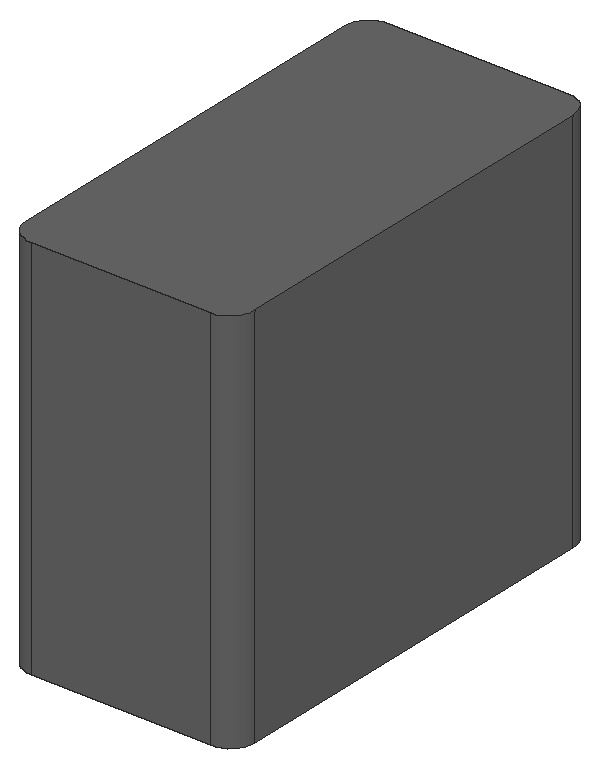
Revit family "Domotics-DomesticRanges-GEWISS-SYSTEM_PROTECTION-SPD", category Apparecchi elettrici, host Superficie, Revit 2016
Family settings
  Host = Superficie
  Mantenere orientamento annotazione = Sì
  Tipo di parte = Normale
  Quota connettore circolare = Usa diametro
  Taglio con vuoti quando caricato = Sì
  Condiviso = Sì
  Punto di calcolo locali = Sì
Parameters (values of type "GW21423 - Voltage surge limiter 250V 75 j black")
  Voltage: = "250 V ac"
  Voltage = "250 V ac"
  Volt = 230 V
  Vista in pianta [instance] = yes
  Version file RFA = "19.4"
  URL = "https://www.gewiss.com/ww/en"
  Technical sheet = "https://www.gewiss.com/ww/en/search?q=GW21423"
  TIPO = System Limitatore Tensione_GENERICO : GW21423 Limitatore sovratensione 250V 75J nero
  Simbolo [instance] = yes
  SEO = "SPD"
  Realized by GEWISS S.p.A. = ""
  Default Elevation = 1219.2 mm
  Produttore = "GEWISS S.p.A."
  Offset presa [instance] = 0 mm
  Offset bidimensionale [instance] = 39 mm
  No. SYSTEM modules = "1"
  N. poli = 1
  Modello = "GW21423"
  Maximum discharge current = "8 kA (8/20 µs)"
  Max.dischargeable energy = "75J"
  Immagine tipo = GW21423.jpg
  IFC.TypeObject = ""
  IFC.ExportType = ""
  IFC.ExportAs = ""
  IDT = "0878f3d2-3d3a-42f9-8e58-08a676c8a82a"
  IDF = "9fee14f7-3763-413e-a65c-01745c38fe14"
  Electrocod = "0142"
  EAN code = "8011564129313"
  Distanza_x [instance] = 0 mm
  Distanza_effettiva_y [instance] = 100 mm
  Distanza_effettiva_x [instance] = 1000 mm - Distanza_x  # 1000 mm
  Distanza orizzontale del simbolo [instance] = 45.729 mm
  Distanza dal muro [instance] = 4.208 mm
  Descrizione = "VOLTAGE SURGE LIMITER 250V 75 J SY/BK"
  Description. = "Limiter"
  Colour = "Black"
  Catalogue Range = "SYSTEM - DOMESTIC RANGE"
  Catalogue = "DOMOTICS"
  Carico apparente = 0 VA
  COBie.Tagnumber = ""
  COBie.CreatedOn = ""
  COBie.CreatebBy = ""
  COBie.ComponentRegisterItemID = ""
  COBie.Component.TagNumber = ""
  COBie.Component.Space = ""
  COBie.Component.SerialNumber = ""
  COBie.Component.InstallationDate = ""
  COBie.Component.Description = ""
  COBie.Component.BarCode = ""
Types (2, lengths in mm): name | Technical sheet | TIPO | Modello | Immagine tipo | IDT | EAN code | Descrizione | Colour
  GW20423 - Voltage surge limiter 250V 75 j white | "https://www.gewiss.com/ww/en/search?q=GW20423" | System Limitatore Tensione_GENERICO : GW20423 Limitatore sovratensione 250V 75J bianco | "GW20423" | GW20423.jpg | "946ca5df-a681-4db9-8b3e-ba4666e9259d" | "8011564026049" | "VOLTAGE SURGE LIMITER 250V 75 J SY/WT" | "White"
  GW21423 - Voltage surge limiter 250V 75 j black | "https://www.gewiss.com/ww/en/search?q=GW21423" | System Limitatore Tensione_GENERICO : GW21423 Limitatore sovratensione 250V 75J nero | "GW21423" | GW21423.jpg | "0878f3d2-3d3a-42f9-8e58-08a676c8a82a" | "8011564129313" | "VOLTAGE SURGE LIMITER 250V 75 J SY/BK" | "Black"
Reference planes
  plane 1 "Centro (Fronte/Retro)": y = 0
  plane 2: z = 0
  plane 3 "Centro (Sinistra/Destra)": x = 0
  plane 4: x = -1000
  plane 5: x = 0
  plane 6: y = 100
  plane 7: z = 0
  plane 8: z = 39
Lines and regions (mm)
  Masking region 1, visible <- "Vista in pianta"
    outline origin (0, 0, 0) x (1, 0, 0) y (0, 1, 0)
      loop
        line (-11.5, 22.5) -> (-11.5, -22.5) -> (11.5, -22.5) -> (11.5, 22.5) -> (-11.5, 22.5)
      loop
        circle (5.49, 12.673) r 2.133
      loop
        line (-2.141, -13.488) -> (2.141, -13.488) -> (2.141, -3.022) -> (-2.141, -3.022) -> (-2.141, -13.488)
  Masking region 2, visible <- "Vista in pianta"
    outline origin (0, 0, 0) x (1, 0, 0) y (0, 0, 1)
      loop
        line (-11.5, 39) -> (-11.5, 0) -> (11.5, 0) -> (11.5, 39) -> (-11.5, 39)
  Masking region 3, visible <- "Vista in pianta"
    outline origin (0, 0, 0) x (0, 1, 0) y (0, 0, 1)
      loop
        line (-22.5, 39) -> (-22.5, 0) -> (22.5, 0) -> (22.5, 39) -> (-22.5, 39)
Dimensions and locks
  plane 4 to plane 3 "Centro (Sinistra/Destra)" = 1000 mm
  "Distanza_effettiva_x": plane 4 to plane 5
  "Distanza_effettiva_y": plane 6 to plane 1 "Centro (Fronte/Retro)"
  "Offset presa": plane 7 to host face
  "Offset bidimensionale": plane 8 to host face
  aligned and locked: plane 2 to host face
  aligned and locked: level to host face
  aligned and locked: plane 3 "Centro (Sinistra/Destra)" to nested 1
  aligned and locked: plane 1 "Centro (Fronte/Retro)" to nested 1
  aligned and locked: plane 5 to nested 2
  aligned and locked: nested 2 to plane 6
  aligned and locked: Masking region 1 sketch curve to nested 1  (x4)
  aligned and locked: nested 1 to plane 7
  aligned and locked: import instance to plane 8
  aligned and locked: Masking region 2 sketch curve to nested 1  (x4)
  aligned and locked: Masking region 3 sketch curve to nested 1  (x4)
Automatic sketch dimensions
  host sketch curve to host sketch curve = 2438.4 mm  (x2)
  Masking region 1 sketch curve to plane 3 "Centro (Sinistra/Destra)" = 2.141 mm
  plane 3 "Centro (Sinistra/Destra)" to Masking region 1 sketch curve = 5.49 mm
  plane 1 "Centro (Fronte/Retro)" to Masking region 1 sketch curve = 3.022 mm
  Masking region 1 sketch curve to Masking region 1 sketch curve = 9.827 mm
  plane 3 "Centro (Sinistra/Destra)" to Masking region 1 sketch curve = 2.141 mm
  Masking region 1 sketch curve to Masking region 1 sketch curve = 10.467 mm
  radius of Masking region 1 sketch curve = 2.133 mm
Nested families
  nested 1: "System Limitatore Tensione_GENERICO" at (0, 0, 0), type <- "TIPO", type "GW21423 Limitatore sovratensione 250V 75J nero", detail levels medium+fine
  nested 2: "SCARICSOVRAT" at (0, 100, 0), Distanza dal muro <- "Distanza dal muro", SIMBOLO <- "Simbolo", visible <- "Simbolo", type "SCARICSOVRAT"
    with SIMBOLO yes, Distanza dal muro 4.208 mm, BORDO ACCESO yes
Connectors
  electrical at (0, 0, 0), driven by "N. poli", driven by "Volt", driven by "Carico apparente"
    settings: on nested 1, index 1, voltage 230 V, apparent load 0 VA, apparent load phase1 0 VA, apparent load phase2 0 VA, apparent load phase3 0 VA, power factor 1, load classification "Altro", number of poles 1, system type 31, power factor state 1, is connector primary yes, connector utility no, sub classification motor no, connector description ""
Definition of nested family "System Limitatore Tensione_GENERICO"
  Parameters (values of type "GW20423 Limitatore sovratensione 250V 75J bianco")
    Profondità presa = 39 mm
    Finitura System Limitatore Tensione = none
    Altezza da Terra = 750 mm
  Types (2): name
    GW20423 Limitatore sovratensione 250V 75J bianco
    GW21423 Limitatore sovratensione 250V 75J nero
  Reference planes
    plane 1 "Centro (Fronte/Retro)": y = 0
    plane 2: z = 0
    plane 3 "Centro (Sinistra/Destra)": x = 0
    plane 4: z = 0
    plane 5: z = 39
  Forms (mm)
    Extrusion 1, solid, material <- "Finitura System Limitatore Tensione"
      sketch origin (-51.929, -802.514, 39) x (1, 0, 0) y (0, 1, 0)
        loop
          arc (42.929, 825.014) -> (41.161, 824.282) -> (40.429, 822.514) r 2.5
          line (40.429, 822.514) -> (40.429, 782.514)
          arc (40.429, 782.514) -> (41.161, 780.746) -> (42.929, 780.014) r 2.5
          line (42.929, 780.014) -> (60.929, 780.014)
          arc (60.929, 780.014) -> (62.697, 780.746) -> (63.429, 782.514) r 2.5
          line (63.429, 782.514) -> (63.429, 822.514)
          arc (63.429, 822.514) -> (62.697, 824.282) -> (60.929, 825.014) r 2.5
          line (60.929, 825.014) -> (42.929, 825.014)
      from 0 to -39
  Lines and regions (mm)
    model lines, detail levels medium+fine
      curve 1: line (2.141, -3.022, 39) -> (2.141, -13.488, 39)
      curve 2: line (2.141, -13.488, 39) -> (-2.141, -13.488, 39)
      curve 3: line (-2.141, -13.488, 39) -> (-2.141, -3.022, 39)
      curve 4: line (-2.141, -3.022, 39) -> (2.141, -3.022, 39)
      curve 5: line (0, -0.344, 39) -> (0, -3.022, 39)
      curve 6: line (0, -13.488, 39) -> (0, -16.166, 39)
      curve 7: line (3.558, -3.022, 39) -> (3.558, -4.204, 39)
      curve 8: line (3.558, -4.204, 39) -> (-3.558, -12.306, 39)
      curve 9: line (-3.558, -12.306, 39) -> (-3.558, -13.488, 39)
      curve 10: circle (5.49, 12.673, 39) r 2.133 normal (0, 0, 1)
  Dimensions and locks
    "Profondità presa": plane 5 to level
    aligned and locked: level to plane 2
    aligned and locked: Extrusion 1 to plane 4
    aligned and locked: plane 2 to plane 4
    aligned and locked: plane 5 to Extrusion 1
  Automatic sketch dimensions
    Extrusion 1 sketch curve to plane 3 "Centro (Sinistra/Destra)" = 11.5 mm
    Extrusion 1 sketch curve to Extrusion 1 sketch curve = 2.5 mm  (x3)
    plane 3 "Centro (Sinistra/Destra)" to Extrusion 1 sketch curve = 9 mm  (x2)
    plane 1 "Centro (Fronte/Retro)" to Extrusion 1 sketch curve = 22.5 mm
    Extrusion 1 sketch curve to plane 1 "Centro (Fronte/Retro)" = 20 mm
    curve 9 to Extrusion 1 = 7.942 mm
    curve 9 to curve 3 = 1.417 mm
    curve 2 to curve 2 = 4.282 mm
    curve 1 to curve 7 = 1.417 mm
    curve 10 to Extrusion 1 = 6.01 mm
    curve 2 to Extrusion 1 = 9.012 mm
    curve 2 to curve 8 = 1.182 mm
    curve 1 to curve 7 = 9.284 mm
    curve 7 to curve 4 = 1.182 mm
    curve 10 to Extrusion 1 = 9.827 mm
    curve 5 to curve 1 = 2.141 mm
    curve 2 to curve 6 = 2.141 mm
    curve 6 to curve 6 = 2.678 mm
    curve 9 to curve 8 = 1.182 mm
    curve 7 to curve 7 = 1.182 mm
    curve 5 to curve 5 = 2.678 mm
    radius of curve 10 = 2.133 mm
Definition of nested family "SCARICSOVRAT"
  Parameters (values of type "SCARICSOVRAT")
    SIMBOLO [instance] = yes
    Distanza dal muro [instance] = 4.208 mm
    BORDO ACCESO [instance] = yes
  Reference planes
    plane 1: y = 0
    plane 2: x = 0
  Dimensions and locks
    aligned and locked: plane 1 to nested 1
  Nested families
    nested 1: "SCARICSOVRAT_BASE" at (0, 0, 0), BORDO ACCESO <- "BORDO ACCESO", visible <- "SIMBOLO", type "SCARICSOVRAT"
      with BORDO ACCESO yes
  Definition of nested family "SCARICSOVRAT_BASE"
    Parameters (values of type "SCARICSOVRAT")
      Distanza dal muro = 4.208 mm
      BORDO ACCESO [instance] = yes
    Reference planes
      plane 1: y = 0
      plane 2: x = 0
    Lines and regions (mm)
      detail lines, visible <- "BORDO ACCESO", not visible
        curve 1: line (-1.743, 9.208, 0) -> (2.057, 9.208, 0)
        curve 2: line (2.057, 9.208, 0) -> (2.057, 4.208, 0)
        curve 3: line (2.057, 4.208, 0) -> (-1.743, 4.208, 0)
        curve 4: line (-1.743, 4.208, 0) -> (-1.743, 9.208, 0)
        curve 5: line (-1.543, 9.008, 0) -> (1.857, 9.008, 0)
        curve 6: line (1.857, 9.008, 0) -> (1.857, 4.408, 0)
        curve 7: line (1.857, 4.408, 0) -> (-1.543, 4.408, 0)
        curve 8: line (-1.543, 4.408, 0) -> (-1.543, 9.008, 0)
      detail lines
        curve 9: line (0.202, 0.833, 0) -> (0.202, 1.659, 0)
        curve 10: line (0.202, 1.659, 0) -> (-0.202, 1.659, 0)
        curve 11: line (-0.202, 1.659, 0) -> (-0.202, 0.833, 0)
        curve 12: line (-0.202, 0.833, 0) -> (0.202, 0.833, 0)
        curve 13: line (0, 1.659, 0) -> (0, 1.933, 0)
        curve 14: line (0.457, 1.744, 0) -> (-0.402, 0.875, 0)
        curve 15: line (-0.402, 0.875, 0) -> (-0.402, 0.671, 0)
        curve 16: line (0, 0.561, 0) -> (0, 0.833, 0)
        curve 17: line (0.457, 1.948, 0) -> (0.457, 1.744, 0)
